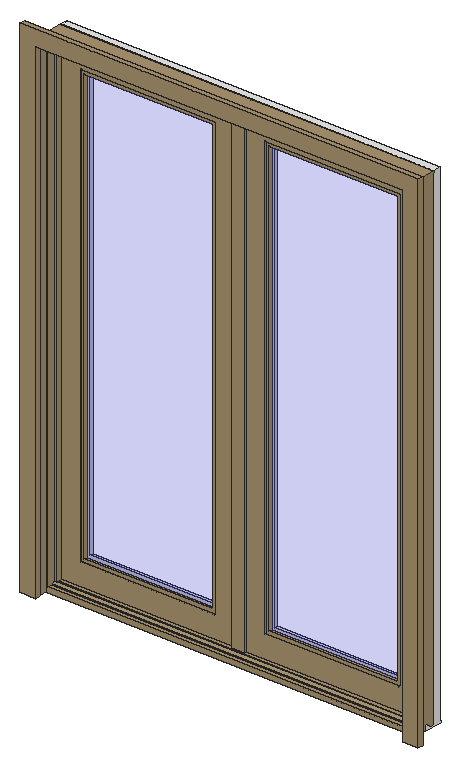
Revit family "Door-Out-Swing-Pella-Architect-Contemporary-Double3", category Doors, host Wall, Revit 2013
Parameters (values of type "default load type catalog")
  Warranty = "https://content.pella.com/cs/groups/public/documents/document/mdaw/mde3/~edisp/pel-017828.pdf?_ga=1.89380059.1797906072.1467308852"
  Wall Thickness [instance] = 0' - 6"
  Vertical Mullions = if(and(Traditional Lites Wide < Max Lites, Traditional Lites Wide > 2), Traditional Lites Wide - 1, if(or(Traditional Lites Wide = Max Lites, Traditional Lites Wide > Max Lites), Max Lites - 1, 2))  # 2
  Vertical Grille Spacing = Panel Grille Width / (Vertical Mullions + 1)  # 0' - 8.25065"
  Vertical Grille Offset = Vertical Grille Spacing  # 0' - 8.25065"
  URL = "http://professional.pella.com"
  Type Comments = if(Fixed Panel, "Active/Fixed", "Active/Passive")  # "Active/Fixed"
  Trim = yes
  Traditional Lites Wide = 2
  Traditional Lites High = 2
  Traditional Grille Vertical Array = and(Traditional Lites Wide > 2, Traditional Grille)  # no
  Traditional Grille Single Vertical = and(Traditional Lites Wide = 2, Traditional Grille)  # no
  Traditional Grille Horizontal Array = and(Traditional Lites High > 2, Traditional Grille)  # no
  Traditional Grille = no
  Traditioinal Grille Single Horizontal = and(Traditional Lites High = 2, Traditional Grille)  # no
  Thickness = 0' - 5 55/64"  # constant formula
  Specification = "http://media.pella.com/professional/adm/Wood-CSI_Specs/08213.rtf"
  Sill Height = 0' - 5 7/8"  # constant formula
  Second Panel Operable = not(Fixed Panel)  # no
  Rough Width = Width + 0' 0 3/4"  # 6' - 0 3/4"
  Rough Height = Height + 0' 0 3/4"  # 8' - 0 3/4"
  Requested Width = 6' - 0"
  Requested Height = 8' - 0"
  Product Page URL = "http://professional.pella.com/doors/product-details/out-swing-patio-architect"
  Product Name = "Architect Series"  # constant formula
  Product Documentation Link = "http://media.pella.com/professional/adm/Clad-Wood/OS_ASCWSZTAB.pdf"
  Prairie Offset = 0' - 3 11/16"  # constant formula
  Prairie Grille = no
  Panel Width = ((Width - 0' 2 7/16" - Center Thickness) / 2)  # 2' - 9.93945"
  Panel Height = Height - 0' 2 3/8"  # 7' - 9 5/8"
  Panel Grille Width = Panel Width - 0' 4 19/32" * 2  # 2' - 0.75195"
  Operation = "Outswing"
  Model = if(Fixed Panel, "Contemporary Outswing Active/Fixed", "Contemporary Outswing Active/Passive")  # "Contemporary Outswing Active/Fixed"
  Min Width = 4' - 2"  # constant formula
  Min Height = 6' - 7 1/2"  # constant formula
  Max Width = 6' - 3"  # constant formula
  Max Lites = 10  # constant formula
  Max Height = 9' - 11 1/2"  # constant formula
  Manufacturer = "Pella"  # constant formula
  Jamb Extensions = yes
  Jamb Extensions Depth [instance] = if(Jamb Extensions Calc > 0' 0 1/8", Jamb Extensions Calc, 0' 0 1/8")  # 0' - 1 7/16"
  Jamb Extensions Calc [instance] = if(Offset > 0' 0", Wall Thickness - 0' 4 9/16" + Offset, Wall Thickness - 0' 4 9/16" - Inset)  # 0' - 1 7/16"
  Interior Sill = Wood-Pella-Interior_Sill
  Offset = 0' - 0"
  Nail Fin = yes
  Interior Finish = Wood-Pella-Pine
  Inset = 0' - 0"
  Horizontal Mullions = if(and(Traditional Lites High < Max Lites, Traditional Lites High > 3), Traditional Lites High - 1, if(or(Traditional Lites High = Max Lites, Traditional Lites High > Max Lites), Max Lites - 1, 2))  # 2
  Horizontal Grille Spacing = Grille Height / (Horizontal Mullions + 1)  # 2' - 3 15/16"
  Horizontal Grille Offset = Horizontal Grille Spacing  # 2' - 3 15/16"
  Grille Width = 0' - 0 7/8"  # constant formula
  Grille Height = Height - (Sill Height + 0' 6 5/16")  # 6' - 11 13/16"
  Glass Thickness = 0' - 0 103/128"  # constant formula
  Glass = Glass-Pella-Low_E-Argon
  Function = Interior
  Frame Projection Ext. = 0' - 1"
  Frame Projection Int. = 0' - 1"
  Frame Width = 0' - 3"
  Height = if(and(Requested Height < Max Height, Requested Height > Min Height), Requested Height, if(or(Requested Height = Max Height, Requested Height > Max Height), Max Height, Min Height))  # 8' - 0"
  Wall Closure = By host
  Width = if(and(Requested Width < Max Width, Requested Width > Min Width), Requested Width, if(or(Requested Width = Max Width, Requested Width > Max Width), Max Width, Min Width))  # 6' - 0"
  Fixed Panel = yes
  Exterior Finish = Aluminum-Pella-EnduraClad-White
  Energy Star = "http://www.pella.com/features-options/energy-efficiency/energy-star/"
  Description = "Outswing Patio Door"  # constant formula
  Center Thickness = 0' - 1 175/256"  # constant formula
  Assembly Code = "B2030130"
Reference planes (in)
  plane 1 "Center (Front/Back)": y = 0
  plane 2 "Center (Left/Right)": x = 0
  plane 3 "Left": x = -36
  plane 4 "Right": x = 36
  plane 5 "Top": z = 96
  plane 6 "Exterior": y = 3
  plane 7 "Interior": y = -3
  plane 8 "Nail Fin": y = 3
  plane 9 "Front": y = 4.29609
  plane 10 "Back": y = -1.56329
  plane 11 "Inset": y = 3
  plane 12 "Grille Left": x = -30.18762
  plane 13 "Grille Right": x = 30.18762
  plane 14 "Glass Bottom": z = 5.875
  plane 15 "Grille Bottom": z = 6.3755
  plane 16 "Glass Top": z = 90.68812
  plane 17 "Grille Top": z = 90.18762
  plane 18 "Glass Front": y = 2.57609
  plane 19 "Glass Back": y = 1.7714
  plane 20 "Jamb Extensions": y = -1.5625
  plane 21 "Front of Panel": y = 3.18973
  plane 22 "Center Right Panel": x = 17.8096
  plane 23 "Right Center": x = 0.8418
  plane 24 "Left Center": x = -0.8418
  plane 25 "Grille Center Left": x = -5.43159
  plane 26 "Grille Center Right": x = 5.43159
  plane 27 "Center Left Panel": x = -17.8096
Forms (in)
  Extrusion 1, solid, material "Wood-Pella-Pine" <- "Interior Finish", visible <- "Trim"
    sketch origin (-90, -3, 0) x (1, 0, 0) y (0, 0, 1)
      loop
        line (54.625, 0) -> (54.625, 95.375) -> (125.375, 95.375) -> (125.375, 0) -> (128.375, 0) -> (128.375, 98.375) -> (51.625, 98.375) -> (51.625, 0) -> (54.625, 0)
    from 0 to 1
  Extrusion 2, solid, material "Wood-Pella-Pine" <- "Interior Finish", detail levels medium+fine
    sketch origin (0, 0, 0) x (0, 1, 0) y (0, 0, 1)
      loop
        line (-1.56329, 0) -> (0.83279, 0) -> (0.83279, 1.523) -> (0.21469, 1.523) -> (0.06871, 1.633) -> (-0.30629, 1.633) -> (-0.72029, 1.219) -> (-0.72029, 1) -> (-1.56329, 1) -> (-1.56329, 0)
    from -36 to 36
  Extrusion 3, solid, material "Aluminum-Pella-EnduraClad-White" <- "Exterior Finish", detail levels medium+fine
    sketch origin (0, 0, 0) x (0, 1, 0) y (0, 0, 1)
      loop
        line (4.29609, 0) -> (4.29609, 0.3) -> (1.9129, 0.3) -> (1.0619, 0.926) -> (0.83279, 0.926) -> (0.83279, 0) -> (4.29609, 0)
    from -36 to 36
  Sweep 4, solid, material "Wood-Pella-Pine" <- "Interior Finish", detail levels medium+fine
    path origin (0, 4.29609, 0) x (-1, 0, 0) y (0, 0, 1)
      loop
        line (36, 0) -> (36, 96) -> (-36, 96) -> (-36, 0)
    profile origin (-36, 4.29609, 48) x (1, 0, 0) y (0, 1, 0)
      loop
        line (0, -5.85937) -> (1.06158, -5.85937) -> (1.06158, -4.60574) -> (1.657, -4.60574) -> (1.657, -3.48074) -> (1.06158, -3.48074) -> (1.06158, -1.53449) -> (0, -1.53449) -> (0, -5.85937)
  Sweep 5, solid, material "Aluminum-Pella-EnduraClad-White" <- "Exterior Finish", detail levels medium+fine
    path origin (0, 4.29609, 0) x (-1, 0, 0) y (0, 0, 1)
      loop
        line (36, 0) -> (36, 96) -> (-36, 96) -> (-36, 0)
    profile origin (-36, 4.29609, 48) x (1, 0, 0) y (0, 1, 0)
      loop
        line (1.06158, -1.53449) -> (1.06158, -1.11236) -> (0.79016, -1.11236) -> (0.79016, -0.05585) -> (0.56008, -0.05585) -> (0.3844, 0) -> (0.197, 0) -> (0.197, -0.39299) -> (0.09, -0.39299) -> (0.09, -0.03953) -> (0, -0.03953) -> (0, -1.53449) -> (1.06158, -1.53449)
  Extrusion 6, solid, material "Aluminum-Pella-EnduraClad-White" <- "Exterior Finish", detail levels coarse
    sketch origin (0, 2.57609, 0) x (-1, 0, 0) y (0, 0, 1)
      loop
        line (-36, 0) -> (36, 0) -> (36, 96) -> (-36, 96) -> (-36, 0)
      loop
        line (-34.9375, 1.0625) -> (34.93842, 1.0625) -> (34.93842, 94.9375) -> (-34.9375, 94.9375) -> (-34.9375, 1.0625)
    from 0.42391 to 1.72
  Extrusion 7, solid, material "Wood-Pella-Pine" <- "Interior Finish", detail levels coarse
    sketch origin (0, 0, 0) x (1, 0, 0) y (0, 0, 1)
      loop
        line (-34.93842, 1.219) -> (34.93842, 1.219) -> (34.93842, 94.93842) -> (-34.93842, 94.93842) -> (-34.93842, 1.219)
      loop
        line (-36, 0) -> (36, 0) -> (36, 96) -> (-36, 96) -> (-36, 0)
    from -3 to 1.56329
  Extrusion 8, solid, material "Aluminum-Pella-EnduraClad-White" <- "Exterior Finish", detail levels coarse
    sketch origin (0, 2.57609, 0) x (-1, 0, 0) y (0, 0, 1)
      loop
        line (-30.18762, 6.3755) -> (-5.43159, 6.3755) -> (-5.43159, 90.18762) -> (-30.18762, 90.18762) -> (-30.18762, 6.3755)
      loop
        line (30.18762, 90.18762) -> (5.43159, 90.18762) -> (5.43159, 6.3755) -> (30.18762, 6.3755) -> (30.18762, 90.18762)
      loop
        line (-34.9375, 1.0625) -> (34.93842, 1.0625) -> (34.93842, 94.9375) -> (-34.9375, 94.9375) -> (-34.9375, 1.0625)
    from -1.44885 to 0.61365
  Sweep 9, solid, material "Wood-Pella-Pine" <- "Interior Finish", visible <- "Jamb Extensions"
    path origin (0, -3, 0) x (1, 0, 0) y (0, 0, 1)
      loop
        line (36, 0) -> (36, 96) -> (-36, 96) -> (-36, 0)
    profile origin (-36, -3, 48) x (0, -1, 0) y (1, 0, 0)
      loop
        line (0, 0) -> (0, 0.625) -> (-1.4375, 0.625) -> (-1.4375, 0) -> (0, 0)
  Extrusion 10, solid, material "Aluminum-Pella-EnduraClad-White" <- "Exterior Finish", detail levels medium+fine
    sketch origin (0, 0, 6.3755) x (0, 1, 0) y (-1, 0, 0)
      loop
        line (3.17225, 0.80857) -> (2.86288, 0.80857) -> (2.86288, -0.73569) -> (3.19282, -0.73569)
        arc (3.19282, -0.73569) -> (3.38646, -0.69667) -> (3.54988, -0.5857) r 0.5
        line (3.54988, -0.5857) -> (3.54988, -0.27473) -> (3.67488, -0.14973) -> (3.67488, 0.33827) -> (3.54988, 0.46327) -> (3.54988, 0.6435) -> (3.42988, 0.76777) -> (3.17225, 0.80857)
    from -6.3755 to 89.6245
  Extrusion 11, solid, material "Wood-Pella-Pine" <- "Interior Finish", detail levels medium+fine
    sketch origin (0, 0, 6.3755) x (0, 1, 0) y (-1, 0, 0)
      loop
        line (2.86288, 0.80857) -> (1.12723, 0.80857) -> (1.12723, 1.07031) -> (0.37723, 1.07031) -> (0.37723, -1.32969) -> (0.81723, -1.32969) -> (0.81723, -0.73569) -> (2.86288, -0.73569) -> (2.86288, 0.80857)
    from -6.3755 to 89.6245
Cuts and joins
  joined: Extrusion 2, Sweep 4, Extrusion 11
  joined: Extrusion 3, Sweep 5, Extrusion 10
Lines and regions (in)
  Opening 1
    outline origin (-90, -3, 0) x (1, 0, 0) y (0, 0, 1)
      loop
        line (54, 0) -> (126, 0) -> (126, 96) -> (54, 96) -> (54, 0)
  Masking region 1, visible <- "Jamb Extensions"
    outline origin (0, 0, 6.3755) x (0, 1, 0) y (-1, 0, 0)
      loop
        line (-3, 36) -> (-3, 35.375) -> (-1.5625, 35.375) -> (-1.5625, 36) -> (-3, 36)
      loop
        line (-3, -35.375) -> (-3, -36) -> (-1.5625, -36) -> (-1.5625, -35.375) -> (-3, -35.375)
  Masking region 2
    outline origin (-30.68812, 0, 0) x (0, -1, 0) y (0, 0, 1)
      loop
        line (1.5625, 95.375) -> (3, 95.375) -> (3, 96) -> (1.5625, 96) -> (1.5625, 95.375)
  symbolic lines
    curve 1: line (34.9375, 3.18973, 6.3755) -> (32.875, 3.18973, 6.3755)
    curve 2: line (34.9375, 37.12919, 6.3755) -> (34.9375, 3.18973, 6.3755)
    curve 3: line (32.875, 37.12919, 6.3755) -> (34.9375, 37.12919, 6.3755)
    curve 4: line (32.875, 3.18973, 6.3755) -> (32.875, 37.12919, 6.3755)
  symbolic lines, style "Elevation Swing"
    curve 5: arc (34.9375, 37.12919, 6.3755) -> (10.93868, 27.18855, 6.3755) -> (0.99805, 3.18973, 6.3755) r 33.93945
    curve 6: line (0, 3, 0) -> (36, 3, 48)
    curve 7: line (36, 3, 48) -> (0, 3, 96)
  model lines, detail levels coarse
    curve 8: line (0.8418, 3.18973, 1.0625) -> (0.8418, 3.18973, 94.9375)
    curve 9: line (-0.8418, 3.18973, 1.0625) -> (-0.8418, 3.18973, 94.9375)
  symbolic lines, visible <- "Second Panel Operable"
    curve 10: line (-34.9375, 3.18973, 6.3755) -> (-32.875, 3.18973, 6.3755)
    curve 11: line (-34.9375, 37.12919, 6.3755) -> (-34.9375, 3.18973, 6.3755)
    curve 12: line (-32.875, 37.12919, 6.3755) -> (-34.9375, 37.12919, 6.3755)
    curve 13: line (-32.875, 3.18973, 6.3755) -> (-32.875, 37.12919, 6.3755)
  symbolic lines, style "Elevation Swing", visible <- "Second Panel Operable"
    curve 14: arc (-34.9375, 37.12919, 6.3755) -> (-10.93913, 27.18847, 6.3755) -> (-0.99931, 3.18973, 6.3755) r 33.93819
    curve 15: line (0, 3, 0) -> (-36, 3, 48)
    curve 16: line (-36, 3, 48) -> (0, 3, 96)
Text (in)
  text "Exterior" at (-74.96733, 45.94726, 0), in view "Ref. Level"
  text "Interior" at (-74.96733, -25.14366, 0), in view "Ref. Level"
  text "Exterior" at (0, 40.15149, 123.01588), in view "Right"
  text "Interior" at (0, -64.39139, 123.01588), in view "Right"
  text "Interior" at (0, -31.01599, 123.00693), in view "Left"
  text "Exterior" at (0, 54.57065, 123.00693), in view "Left"
Dimensions and locks (in)
  equal spacing: plane 3 "Left", plane 2 "Center (Left/Right)", plane 4 "Right"
  "Height": level to plane 5 "Top"
  "Width": plane 3 "Left" to plane 4 "Right"
  "Frame Width": Extrusion 1 sketch curve to Extrusion 1 sketch curve  (x3)
  equal spacing: host wall, curve 7, plane 5 "Top"
  "Frame Projection Int.": Extrusion 1 to host wall
  "Thickness": plane 9 "Front" to plane 10 "Back"
  locked: plane 9 "Front" to plane 8 "Nail Fin" at 1.29609
  "Offset": plane 8 "Nail Fin" to plane 11 "Inset"
  "Inset": plane 6 "Exterior" to plane 11 "Inset"
  locked: plane 13 "Grille Right" to plane 4 "Right" at 5.81238
  locked: plane 3 "Left" to plane 12 "Grille Left" at 5.81238
  "Sill Height": plane 14 "Glass Bottom" to level
  locked: plane 15 "Grille Bottom" to plane 14 "Glass Bottom" at 0.5005
  plane 17 "Grille Top" to plane 16 "Glass Top" to plane 5 "Top" = 0' - 0.5005" locked, 0' - 5.31188" locked
  locked: plane 9 "Front" to plane 18 "Glass Front" at 1.72
  Extrusion 2 sketch curve to Extrusion 2 sketch curve to Extrusion 2 sketch curve to Extrusion 2 sketch curve to level = 0' - 0.11" locked, 0' - 0.304" locked, 0' - 0.219" locked, 0' - 1" locked
  Extrusion 2 sketch curve to Extrusion 2 sketch curve to Extrusion 2 sketch curve to Extrusion 2 sketch curve to Extrusion 2 sketch curve to plane 10 "Back" = 0' - 0.6181" locked, 0' - 0.14597" locked, 0' - 0 3/8" locked, 0' - 0.414" locked, 0' - 0.843" locked
  Extrusion 3 sketch curve to Extrusion 3 sketch curve to level = 0' - 0.626" locked, 0' - 0.3" locked
  plane 9 "Front" to Extrusion 3 sketch curve to Extrusion 3 sketch curve to Extrusion 3 sketch curve = 0' - 2.38319" locked, 0' - 0.851" locked, 0' - 0.22911" locked
  Sweep 4 sketch curve to Sweep 4 sketch curve to Sweep 4 sketch curve to plane 10 "Back" = 0' - 1.94625" locked, 0' - 1 1/8" locked, 0' - 1.25363" locked
  plane 3 "Left" to Sweep 4 sketch curve to Sweep 4 sketch curve to Sweep 4 sketch curve = 0' - 1.06158" locked, 0' - 0" locked, 0' - 0.59542" locked
  plane 3 "Left" to Sweep 5 sketch curve to Sweep 5 sketch curve to Sweep 5 sketch curve to Sweep 5 sketch curve to Sweep 5 sketch curve to Sweep 5 sketch curve = 0' - 0.09" locked, 0' - 0.107" locked, 0' - 0.1874" locked, 0' - 0.17569" locked, 0' - 0.23007" locked, 0' - 0.27142" locked
  plane 9 "Front" to Sweep 5 sketch curve to Sweep 5 sketch curve to Sweep 5 sketch curve to Sweep 5 sketch curve to Sweep 5 sketch curve = 0' - 0.03953" locked, 0' - 0.01633" locked, 0' - 0.33714" locked, 0' - 0.71936" locked, 0' - 0.42214" locked
  "Glass Thickness": plane 18 "Glass Front" to plane 19 "Glass Back"
  "Prairie Offset": plane 12 "Grille Left" to nested 4
  "Prairie Offset": nested 5 to plane 13 "Grille Right"
  "Prairie Offset": plane 15 "Grille Bottom" to nested 6
  "Prairie Offset": nested 7 to plane 17 "Grille Top"
  equal spacing: plane 15 "Grille Bottom", nested 8, plane 17 "Grille Top"
  group 2 to group 1 = 0' - 0.00089"
  group 1 to group 2 = 0' - 0"
  group 1 to group 2 = 2' - 3 15/16"
  "Horizontal Grille Offset": plane 15 "Grille Bottom" to nested 10
  "Horizontal Grille Spacing": nested 10 to nested 11
  group 4 to group 3 = 0' - 8.25065"
  group 3 to group 4 = 0' - 0"  (x2)
  locked: nested 13 to plane 15 "Grille Bottom" at 0
  locked: nested 12 to plane 15 "Grille Bottom" at 0
  "Vertical Grille Offset": nested 12 to plane 13 "Grille Right"
  "Vertical Grille Spacing": nested 13 to nested 12
  locked: level to Extrusion 6 sketch curve at 1.0625
  locked: Extrusion 6 sketch curve to plane 5 "Top" at 1.0625
  locked: Extrusion 6 sketch curve to plane 4 "Right" at 1.0625
  locked: plane 3 "Left" to Extrusion 6 sketch curve at 1.06158
  locked: Extrusion 7 sketch curve to level at 1.219
  locked: plane 5 "Top" to Extrusion 7 sketch curve at 1.06158
  locked: plane 3 "Left" to Extrusion 7 sketch curve at 1.06158
  locked: Extrusion 7 sketch curve to plane 4 "Right" at 1.06158
  locked: Extrusion 8 sketch curve to plane 5 "Top" at 1.0625
  locked: level to Extrusion 8 sketch curve at 1.0625
  locked: Extrusion 8 sketch curve to plane 4 "Right" at 1.0625
  locked: plane 3 "Left" to Extrusion 8 sketch curve at 1.06158
  curve 4 to curve 2 to plane 4 "Right" = 0' - 2 1/16" locked, 0' - 1 1/16" locked
  curve 1 to plane 18 "Glass Front" = 0' - 0.61365"
  "Jamb Extensions Depth": plane 20 "Jamb Extensions" to host wall
  locked: plane 3 "Left" to Sweep 9 sketch curve at 0.625
  locked: plane 3 "Left" to Masking region 1 sketch curve at 0.625
  locked: Masking region 1 sketch curve to plane 4 "Right" at 0.625
  locked: Masking region 2 sketch curve to plane 5 "Top" at 0.625
  locked: plane 4 "Right" to Extrusion 1 sketch curve at 0.625
  locked: plane 3 "Left" to Extrusion 1 sketch curve at 0.625
  locked: Extrusion 1 sketch curve to plane 5 "Top" at 0.625
  "Wall Thickness": host wall to host wall
  locked: plane 21 "Front of Panel" to plane 18 "Glass Front" at 0.61365
  locked: plane 13 "Grille Right" to nested 10 at 0
  locked: plane 13 "Grille Right" to nested 11 at 0.00089
  locked: nested 14 to plane 4 "Right" at 1.22067
  equal spacing: plane 23 "Right Center", plane 2 "Center (Left/Right)", plane 24 "Left Center"
  "Center Thickness": plane 23 "Right Center" to plane 24 "Left Center"
  locked: plane 3 "Left" to nested 16 at 1.22067
  level to nested 16 to nested 14 = 0' - 1 3/16" locked, 0' - 0" locked
  locked: plane 21 "Front of Panel" to Extrusion 8 at 2.0625
  locked: plane 25 "Grille Center Left" to plane 24 "Left Center" at 4.58979
  locked: plane 23 "Right Center" to plane 26 "Grille Center Right" at 4.58979
  locked: nested 17 to plane 2 "Center (Left/Right)" at 1.07031
  Extrusion 10 sketch curve to Extrusion 10 sketch curve to Extrusion 10 sketch curve to Extrusion 10 sketch curve to Extrusion 10 sketch curve to Extrusion 10 sketch curve to plane 21 "Front of Panel" to Extrusion 10 sketch curve to Extrusion 10 sketch curve = 0' - 0 1/8" locked, 0' - 0" locked, 0' - 0.12" locked, 0' - 0.23706" locked, 0' - 0" locked, 0' - 0.00309" locked, 0' - 0.01748" locked, 0' - 0.30937" locked
  Extrusion 10 sketch curve to Extrusion 10 sketch curve to Extrusion 10 sketch curve to Extrusion 10 sketch curve to Extrusion 10 sketch curve to plane 2 "Center (Left/Right)" to Extrusion 10 sketch curve to Extrusion 10 sketch curve to Extrusion 10 sketch curve to Extrusion 10 sketch curve to Extrusion 10 sketch curve = 0' - 0.0408" locked, 0' - 0.12426" locked, 0' - 0.18023" locked, 0' - 0 1/8" locked, 0' - 0.33827" locked, 0' - 0.14973" locked, 0' - 0.08596" locked, 0' - 0.03904" locked, 0' - 0.31097" locked, 0' - 0.14999" locked
  Extrusion 11 sketch curve to Extrusion 11 sketch curve to Extrusion 11 sketch curve to Extrusion 11 sketch curve to plane 21 "Front of Panel" = 0' - 0.44" locked, 0' - 0.31" locked, 0' - 1.73565" locked, 0' - 0.32685" locked
  Extrusion 11 sketch curve to Extrusion 11 sketch curve to plane 2 "Center (Left/Right)" to Extrusion 11 sketch curve to Extrusion 11 sketch curve = 0' - 0.26174" locked, 0' - 0.80857" locked, 0' - 0.73569" locked, 0' - 0.594" locked
  equal spacing: plane 26 "Grille Center Right", plane 22 "Center Right Panel", plane 13 "Grille Right"
  "Prairie Offset": plane 26 "Grille Center Right" to nested 18
  "Prairie Offset": nested 19 to plane 25 "Grille Center Left"
  equal spacing: plane 12 "Grille Left", plane 27 "Center Left Panel", plane 25 "Grille Center Left"
  "Vertical Grille Offset": plane 12 "Grille Left" to nested 21
  group 5 to group 6 = 0' - 8.25065"
  group 5 to group 6 = 0' - 0"  (x2)
  "Vertical Grille Spacing": nested 21 to nested 22
  "Prairie Offset": plane 15 "Grille Bottom" to nested 23
  "Prairie Offset": nested 24 to plane 17 "Grille Top"
  equal spacing: plane 15 "Grille Bottom", nested 25, plane 17 "Grille Top"
  "Horizontal Grille Offset": plane 15 "Grille Bottom" to nested 26
  group 7 to group 8 = 0' - 0"
  group 8 to group 7 = 0' - 0"
  group 7 to group 8 = 2' - 3 15/16"
  nested 27 to nested 26 to plane 12 "Grille Left" = 0' - 0" locked, 0' - 0" locked
  nested 27 to plane 18 "Glass Front" to nested 26 = 0' - 0" locked, 0' - 0" locked
  "Horizontal Grille Spacing": nested 26 to nested 27
  curve 8 to curve 9 to plane 5 "Top" = 0' - 0" locked, 0' - 1 1/16" locked
  level to curve 9 to curve 8 = 0' - 1 1/16" locked, 0' - 0" locked
  locked: nested 22 to plane 18 "Glass Front" at 0
  locked: curve 13 to curve 11 at 2.0625
  "Panel Width": curve 12 to curve 10
  locked: curve 1 to plane 21 "Front of Panel" at 0
  "Panel Width": curve 3 to plane 21 "Front of Panel"
  "Panel Width": curve 12 to plane 21 "Front of Panel"
  equal spacing: level, curve 16, plane 5 "Top"
  aligned and locked: plane 3 "Left" to Opening 1 sketch curve
  aligned and locked: plane 5 "Top" to Opening 1 sketch curve  (x2)
  aligned and locked: Opening 1 sketch curve to plane 4 "Right"
  aligned and locked: Opening 1 sketch curve to level
  aligned and locked: level to Extrusion 1 sketch curve
  aligned and locked: Extrusion 1 sketch curve to level
  aligned and locked: Extrusion 1 to host wall
  aligned and locked: plane 6 "Exterior" to host wall
  aligned and locked: plane 7 "Interior" to host wall
  aligned and locked: nested 1 to plane 8 "Nail Fin"
  aligned and locked: plane 3 "Left" to nested 1
  aligned and locked: nested 3 to plane 8 "Nail Fin"
  aligned and locked: nested 3 to plane 5 "Top"
  aligned and locked: Extrusion 2 sketch curve to level
  aligned and locked: Extrusion 2 sketch curve to plane 10 "Back"
  aligned and locked: Extrusion 3 sketch curve to level
  aligned and locked: plane 9 "Front" to Extrusion 3 sketch curve
  aligned and locked: plane 3 "Left" to Extrusion 2
  aligned and locked: Extrusion 2 to plane 4 "Right"
  aligned and locked: Extrusion 3 to plane 4 "Right"
  aligned and locked: plane 3 "Left" to Extrusion 3
  aligned and locked: Sweep 4 sketch curve to plane 5 "Top"
  aligned and locked: Sweep 4 sketch curve to plane 4 "Right"
  aligned and locked: plane 3 "Left" to Sweep 4 sketch curve  (x2)
  aligned and locked: level to Sweep 4 sketch curve  (x2)
  aligned and locked: Sweep 4 sketch curve to plane 10 "Back"
  aligned and locked: Sweep 5 sketch curve to plane 5 "Top"
  aligned and locked: Sweep 5 sketch curve to plane 4 "Right"
  aligned and locked: plane 3 "Left" to Sweep 5 sketch curve
  aligned and locked: level to Sweep 5 sketch curve  (x2)
  aligned and locked: Sweep 5 sketch curve to plane 3 "Left"
  aligned and locked: Sweep 5 sketch curve to plane 9 "Front"
  aligned and locked: plane 18 "Glass Front" to nested 4
  aligned and locked: plane 18 "Glass Front" to nested 5
  aligned and locked: plane 15 "Grille Bottom" to nested 5
  aligned and locked: plane 15 "Grille Bottom" to nested 4
  aligned and locked: nested 6 to plane 18 "Glass Front"
  aligned and locked: nested 6 to plane 13 "Grille Right"
  aligned and locked: nested 7 to plane 13 "Grille Right"
  aligned and locked: plane 18 "Glass Front" to nested 7
  aligned and locked: plane 18 "Glass Front" to nested 8
  aligned and locked: plane 15 "Grille Bottom" to nested 9
  aligned and locked: plane 18 "Glass Front" to nested 11
  aligned and locked: plane 18 "Glass Front" to nested 10
  aligned and locked: plane 18 "Glass Front" to nested 12
  aligned and locked: plane 15 "Grille Bottom" to nested 12
  aligned and locked: plane 18 "Glass Front" to nested 13
  aligned and locked: plane 18 "Glass Front" to nested 9
  aligned and locked: plane 9 "Front" to nested 2
  aligned and locked: nested 2 to cut or joined group of Extrusion 3, Sweep 5, Extrusion 10
  aligned and locked: plane 3 "Left" to Extrusion 6 sketch curve
  aligned and locked: Extrusion 6 sketch curve to plane 5 "Top"
  aligned and locked: Extrusion 6 sketch curve to plane 4 "Right"
  aligned and locked: Extrusion 6 sketch curve to level
  aligned and locked: Extrusion 6 to plane 8 "Nail Fin"
  aligned and locked: plane 9 "Front" to Extrusion 6
  aligned and locked: Extrusion 7 sketch curve to plane 5 "Top"
  aligned and locked: Extrusion 7 sketch curve to plane 4 "Right"
  aligned and locked: plane 3 "Left" to Extrusion 7 sketch curve
  aligned and locked: Extrusion 7 sketch curve to level
  aligned and locked: plane 8 "Nail Fin" to Extrusion 7
  aligned and locked: Extrusion 7 to plane 10 "Back"
  aligned and locked: Extrusion 8 sketch curve to plane 15 "Grille Bottom"  (x2)
  aligned and locked: plane 12 "Grille Left" to Extrusion 8 sketch curve
  aligned and locked: Extrusion 8 sketch curve to plane 13 "Grille Right"
  aligned and locked: plane 17 "Grille Top" to Extrusion 8 sketch curve  (x2)
  aligned and locked: plane 3 "Left" to Sweep 9 sketch curve  (x2)
  aligned and locked: Sweep 9 sketch curve to plane 4 "Right"
  aligned and locked: Sweep 9 sketch curve to plane 5 "Top"
  aligned and locked: level to Sweep 9 sketch curve  (x2)
  aligned and locked: host wall to Sweep 9 sketch curve
  aligned and locked: plane 20 "Jamb Extensions" to Sweep 9 sketch curve
  aligned and locked: plane 20 "Jamb Extensions" to Masking region 1 sketch curve  (x2)
  aligned and locked: host wall to Masking region 1 sketch curve  (x2)
  aligned and locked: plane 3 "Left" to Masking region 1 sketch curve
  aligned and locked: Masking region 1 sketch curve to plane 4 "Right"
  aligned and locked: Masking region 2 sketch curve to plane 5 "Top"
  aligned and locked: plane 20 "Jamb Extensions" to Masking region 2 sketch curve
  aligned and locked: host wall to Masking region 2 sketch curve
  aligned and locked: plane 4 "Right" to curve 7
  aligned and locked: nested 8 to plane 13 "Grille Right"
  aligned and locked: nested 9 to plane 22 "Center Right Panel"
  aligned and locked: plane 21 "Front of Panel" to nested 14
  aligned and locked: plane 8 "Nail Fin" to nested 15
  aligned and locked: plane 4 "Right" to nested 15
  aligned and locked: nested 16 to plane 21 "Front of Panel"
  aligned and locked: plane 21 "Front of Panel" to Extrusion 8
  aligned and locked: Extrusion 8 sketch curve to plane 25 "Grille Center Left"
  aligned and locked: plane 26 "Grille Center Right" to Extrusion 8 sketch curve
  aligned and locked: nested 17 to plane 21 "Front of Panel"
  aligned and locked: Extrusion 11 to level
  aligned and locked: Extrusion 11 to plane 5 "Top"
  aligned and locked: Extrusion 10 to level
  aligned and locked: Extrusion 10 to plane 5 "Top"
  aligned and locked: plane 15 "Grille Bottom" to nested 18
  aligned and locked: plane 18 "Glass Front" to nested 18
  aligned and locked: plane 15 "Grille Bottom" to nested 19
  aligned and locked: plane 18 "Glass Front" to nested 19
  aligned and locked: plane 15 "Grille Bottom" to nested 20
  aligned and locked: plane 27 "Center Left Panel" to nested 20
  aligned and locked: plane 18 "Glass Front" to nested 20
  aligned and locked: plane 18 "Glass Front" to nested 21
  aligned and locked: plane 15 "Grille Bottom" to nested 21
  aligned and locked: plane 12 "Grille Left" to nested 23
  aligned and locked: plane 18 "Glass Front" to nested 23
  aligned and locked: plane 12 "Grille Left" to nested 24
  aligned and locked: plane 18 "Glass Front" to nested 24
  aligned and locked: plane 12 "Grille Left" to nested 25
  aligned and locked: plane 18 "Glass Front" to nested 25
  aligned and locked: plane 12 "Grille Left" to nested 26
  aligned and locked: plane 18 "Glass Front" to nested 26
  aligned and locked: curve 8 to plane 23 "Right Center"
  aligned and locked: curve 9 to plane 24 "Left Center"
  aligned and locked: plane 21 "Front of Panel" to curve 14
  aligned and locked: plane 21 "Front of Panel" to curve 5
  aligned and locked: plane 2 "Center (Left/Right)" to curve 15
  aligned and locked: level to curve 15
  aligned and locked: plane 2 "Center (Left/Right)" to curve 16
  aligned and locked: plane 5 "Top" to curve 16
  aligned and locked: plane 3 "Left" to curve 15
Automatic sketch dimensions
  Extrusion 1 sketch curve to level = 0' - 0"
  plane 12 "Grille Left" to curve 13 = 0' - 2.68738"
  curve 10 to curve 14 = 0' - 0.00126"
  curve 14 to plane 24 "Left Center" = 0' - 0.15751"
Nested families (in)
  nested 1: "Nested-Pella-Architect-OS-Frame-Jamb" at (-36, 3.51936, 0) x (0, -1, 0) z (0, 0, 1), type "Jamb"
  nested 2: "Nested-Pella-Architect-OS-Frame-Sill" at (0, 3.53872, 0) x (0, -1, 0) z (1, 0, 0), type "Sill"
  nested 3: "Nested-Pella-Architect-OS-Frame-Jamb" at (0, 3.51936, 96) x (0, -1, 0) z (1, 0, 0), type "Jamb"
  nested 4: "Nested-Mullion-Pella" at (-26.50012, 2.17375, 6.3755), visible <- "Prairie Grille", type "Vertical Mullion"
    with Height 6' - 11 13/16"
  nested 5: "Nested-Mullion-Pella" at (26.50012, 2.17375, 6.3755), visible <- "Prairie Grille", type "Vertical Mullion"
    with Height 6' - 11 13/16"
  nested 6: "Nested-Mullion-Pella" at (17.81164, 2.17375, 9.6255), visible <- "Prairie Grille", type "Horizontal Mullion"
    with Width 2' - 0.75195"
  nested 7: "Nested-Mullion-Pella" at (17.81164, 2.17375, 86.06262), visible <- "Prairie Grille", type "Horizontal Mullion"
    with Width 2' - 0.75195"
  nested 8: "Nested-Mullion-Pella" at (17.81164, 2.17375, 47.84406), visible <- "Traditioinal Grille Single Horizontal", type "Horizontal Mullion"
    with Width 2' - 0.75195"
  nested 9: "Nested-Mullion-Pella" at (17.8096, 2.17375, 6.3755), visible <- "Traditional Grille Single Vertical", type "Vertical Mullion"
    with Height 6' - 11 13/16"
  nested 10: "Nested-Mullion-Pella" at (17.81164, 2.17375, 33.8755), visible <- "Traditional Grille Horizontal Array", type "Horizontal Mullion"
    with Width 2' - 0.75195"
  nested 11: "Nested-Mullion-Pella" at (17.81075, 2.17375, 61.813), visible <- "Traditional Grille Horizontal Array", type "Horizontal Mullion"
    with Width 2' - 0.75195"
  nested 12: "Nested-Mullion-Pella" at (21.93697, 2.17375, 6.3755), visible <- "Traditional Grille Vertical Array", type "Vertical Mullion"
    with Height 6' - 11 13/16"
  nested 13: "Nested-Mullion-Pella" at (13.68632, 2.17375, 6.3755), visible <- "Traditional Grille Vertical Array", type "Vertical Mullion"
    with Height 6' - 11 13/16"
  nested 14: "Nested-Pella-Contemporary-Outswing_Panel" at (17.8096, 2.15848, 1.1875), type "Active"
  nested 15: "Nested-Pella-Architect-OS-Frame-Jamb" at (36, 3.51936, 0) x (0, -1, 0) z (0, 0, 1), type "Jamb"
  nested 16: "Nested-Pella-Contemporary-Outswing_Panel" at (-17.8096, 2.15848, 1.1875) x (-1, 0, 0) z (0, 0, 1), type "Fixed Passive"
  nested 17: "Nested-Pella-Architect-OS-Frame-Center" at (-1.07031, 4.41135, 6.3755) x (0, -1, 0) z (0, 0, 1), type "Center"
  nested 18: "Nested-Mullion-Pella" at (9.11909, 2.17375, 6.3755), visible <- "Prairie Grille", type "Vertical Mullion"
    with Height 6' - 11 13/16"
  nested 19: "Nested-Mullion-Pella" at (-9.11909, 2.17375, 6.3755), visible <- "Prairie Grille", type "Vertical Mullion"
    with Height 6' - 11 13/16"
  nested 20: "Nested-Mullion-Pella" at (-17.8096, 2.17375, 6.3755), visible <- "Traditional Grille Single Vertical", type "Vertical Mullion"
    with Height 6' - 11 13/16"
  nested 21: "Nested-Mullion-Pella" at (-21.93697, 2.17375, 6.3755), visible <- "Traditional Grille Vertical Array", type "Vertical Mullion"
    with Height 6' - 11 13/16"
  nested 22: "Nested-Mullion-Pella" at (-13.68632, 2.17375, 6.3755), visible <- "Traditional Grille Vertical Array", type "Vertical Mullion"
    with Height 6' - 11 13/16"
  nested 23: "Nested-Mullion-Pella" at (-17.81164, 2.17375, 9.6255), visible <- "Prairie Grille", type "Horizontal Mullion"
    with Width 2' - 0.75195"
  nested 24: "Nested-Mullion-Pella" at (-17.81164, 2.17375, 86.06262), visible <- "Prairie Grille", type "Horizontal Mullion"
    with Width 2' - 0.75195"
  nested 25: "Nested-Mullion-Pella" at (-17.81164, 2.17375, 47.84406), visible <- "Traditioinal Grille Single Horizontal", type "Horizontal Mullion"
    with Width 2' - 0.75195"
  nested 26: "Nested-Mullion-Pella" at (-17.81164, 2.17375, 33.8755), visible <- "Traditional Grille Horizontal Array", type "Horizontal Mullion"
    with Width 2' - 0.75195"
  nested 27: "Nested-Mullion-Pella" at (-17.81164, 2.17375, 61.813), visible <- "Traditional Grille Horizontal Array", type "Horizontal Mullion"
    with Width 2' - 0.75195"
Definition of nested family "Nested-Mullion-Pella"
  Parameters (values of type "Horizontal Mullion")
    Width = 1' - 6 3/8"
    Vertical = no
    URL = "http://www.pella.com/"
    Type Comments = "Mullion"  # constant formula
    Model = "Mullion for Pella Models"  # constant formula
    Manufacturer = "Pella"  # constant formula
    Interior Finish = Wood-Pella-Pine
    Horizontal = yes
    Height = 0' - 0 7/8"
    Glass Thickness = 0' - 0 103/128"
    Finish = Aluminum-Pella-EnduraClad-White
    Description = "For use with Pella Models"  # constant formula
    Depth = Glass Thickness + 0' 0 3/4"  # 0' - 1 71/128"
    Default Elevation = 4' - 0"
  Types (2): name | Width | Vertical | Horizontal | Height
    Horizontal Mullion | 1' - 6 3/8" | no | yes | 0' - 0 7/8"
    Vertical Mullion | 0' - 0 7/8" | yes | no | 5' - 7 5/16"
  Reference planes (in)
    plane 1 "Center (Front/Back)": y = 0
    plane 2 "Bottom": z = 0
    plane 3 "Center (Left/Right)": x = 0
    plane 4 "Left": x = -9.1875
    plane 5 "Right": x = 9.1875
    plane 6 "Front": y = -0.77734
    plane 7 "Back": y = 0.77734
    plane 8 "Top": z = 0.875
    plane 9 "Glass Back": y = 0.40234
    plane 10 "Glass Front": y = -0.40234
    plane 11 "Center (Elevation)": z = 0.4375
  Forms (in)
    Extrusion 1, solid, material "Aluminum-Pella-EnduraClad-White" <- "Finish", detail levels medium+fine
      sketch origin (0, 0, 0) x (1, 0, 0) y (0, 1, 0)
        loop
          line (-9.1875, 0.77734) -> (-9.1875, 0.40234) -> (9.1875, 0.40234) -> (9.1875, 0.77734) -> (-9.1875, 0.77734)
      from 0 to 0.875
    Extrusion 2, solid, material "Wood-Pella-Pine" <- "Interior Finish", detail levels medium+fine
      sketch origin (0, 0, 0) x (1, 0, 0) y (0, 1, 0)
        loop
          line (-9.1875, -0.40234) -> (-9.1875, -0.77734) -> (9.1875, -0.77734) -> (9.1875, -0.40234) -> (-9.1875, -0.40234)
      from 0 to 0.875
    Extrusion 3, solid, detail levels medium+fine
      sketch origin (0, 0, 0) x (1, 0, 0) y (0, 1, 0)
        loop
          line (-9, -0.27734) -> (9, -0.27734) -> (9, 0.27734) -> (-9, 0.27734) -> (-9, -0.27734)
      from 0 to 0.875
  Lines and regions (in)
    model lines, visible <- "Vertical", detail levels coarse
      curve 1: line (0, -0.40234, 0) -> (0, -0.40234, 0.875)
      curve 2: line (0, 0.40234, 0) -> (0, 0.40234, 0.875)
    model lines, visible <- "Horizontal", detail levels coarse
      curve 3: line (-9.1875, 0.40234, 0.4375) -> (9.1875, 0.40234, 0.4375)
      curve 4: line (-9.1875, -0.40234, 0.4375) -> (9.1875, -0.40234, 0.4375)
  Dimensions and locks (in)
    equal spacing: plane 4 "Left", plane 3 "Center (Left/Right)", plane 5 "Right"
    "Width": plane 4 "Left" to plane 5 "Right"
    "Height": plane 8 "Top" to level
    equal spacing: plane 10 "Glass Front", plane 1 "Center (Front/Back)", plane 9 "Glass Back"
    "Glass Thickness": plane 10 "Glass Front" to plane 9 "Glass Back"
    equal spacing: plane 7 "Back", plane 1 "Center (Front/Back)", plane 6 "Front"
    "Depth": plane 7 "Back" to plane 6 "Front"
    equal spacing: plane 8 "Top", plane 11 "Center (Elevation)", level
    locked: plane 10 "Glass Front" to Extrusion 3 sketch curve at 0.125
    locked: plane 9 "Glass Back" to Extrusion 3 sketch curve at 0.125
    locked: plane 4 "Left" to Extrusion 3 sketch curve at 0.1875
    locked: Extrusion 3 sketch curve to plane 5 "Right" at 0.1875
    aligned and locked: plane 2 "Bottom" to level
    aligned and locked: plane 3 "Center (Left/Right)" to curve 1
    aligned and locked: plane 8 "Top" to curve 1
    aligned and locked: level to curve 1
    aligned and locked: curve 2 to plane 3 "Center (Left/Right)"
    aligned and locked: plane 8 "Top" to curve 2
    aligned and locked: level to curve 2
    aligned and locked: plane 5 "Right" to curve 3
    aligned and locked: plane 4 "Left" to curve 3
    aligned and locked: plane 11 "Center (Elevation)" to curve 3
    aligned and locked: curve 4 to plane 11 "Center (Elevation)"
    aligned and locked: plane 5 "Right" to curve 4
    aligned and locked: plane 4 "Left" to curve 4
    aligned and locked: plane 9 "Glass Back" to Extrusion 1 sketch curve
    aligned and locked: Extrusion 1 sketch curve to plane 7 "Back"
    aligned and locked: Extrusion 1 sketch curve to plane 4 "Left"
    aligned and locked: Extrusion 1 sketch curve to plane 5 "Right"
    aligned and locked: plane 6 "Front" to Extrusion 2 sketch curve
    aligned and locked: plane 10 "Glass Front" to Extrusion 2 sketch curve
    aligned and locked: Extrusion 2 sketch curve to plane 4 "Left"
    aligned and locked: Extrusion 2 sketch curve to plane 5 "Right"
    aligned and locked: plane 8 "Top" to Extrusion 2
    aligned and locked: Extrusion 2 to level
    aligned and locked: plane 8 "Top" to Extrusion 1
    aligned and locked: Extrusion 1 to level
    aligned and locked: Extrusion 3 to level
    aligned and locked: plane 8 "Top" to Extrusion 3
Definition of nested family "Nested-Pella-Contemporary-Outswing_Panel"
  Parameters (values of type "Fixed")
    Width = 2' - 9.93945"
    URL = "http://professional.pella.com"
    Type Comments = "For use with Pella Contemporary Out-Swing Door Models"  # constant formula
    Thickness = 0' - 2 1/16"  # constant formula
    Model = "Contemporary Outswing Panel"  # constant formula
    Manufacturer = "Pella"  # constant formula
    Interior Finish = Wood-Pella-Pine
    Height = 7' - 9 5/8"
    Glass Finish = Glass-Pella-Low_E-Argon
    Fixed = yes
    Exterior Finish = Aluminum-Pella-EnduraClad-White
    Description = "Out-Swing"  # constant formula
    Assembly Code = "B2030130"
  Types (2): name | Fixed
    Fixed | yes
    Active | no
  Reference planes (in)
    plane 1 "Nail Fin": y = 0.84404
    plane 2 "Bottom": z = 0
    plane 3 "Center (Left/Right)": x = 0
    plane 4 "Left": x = -16.96973
    plane 5 "Right": x = 16.96973
    plane 6 "Front": y = 1.03125
    plane 7 "Back": y = -1.03125
    plane 8 "Glass Back": y = -0.36894
    plane 9 "Glass Front": y = 0.43575
    plane 10 "Glass Left": x = -12.88023
    plane 11 "Glass Right": x = 12.88023
    plane 12 "Glass Bottom": z = 4.6875
    plane 13 "Top": z = 93.625
    plane 14 "Glass Top": z = 89.50062
  Forms (in)
    Extrusion 1, solid, material "Wood-Pella-Pine" <- "Interior Finish", detail levels medium+fine
      sketch origin (0, 0, 0) x (1, 0, 0) y (0, 1, 0)
        loop
          line (-16.96973, -1.03125) -> (-13.05602, -1.03125) -> (-13.05602, -0.93125) -> (-12.40504, -0.93125) -> (-12.37716, -0.39925) -> (-13.05602, -0.39925) -> (-13.05602, 0.43575) -> (-16.96973, 0.43575) -> (-16.96973, -1.03125)
        loop
          line (16.96973, -1.03125) -> (16.96973, 0.43575) -> (13.05602, 0.43575) -> (13.05602, -0.39925) -> (12.37716, -0.39925) -> (12.40504, -0.93125) -> (13.05602, -0.93125) -> (13.05602, -1.03125) -> (16.96973, -1.03125)
      from 0 to 93.625
    Extrusion 2, solid, material "Aluminum-Pella-EnduraClad-White" <- "Exterior Finish", detail levels medium+fine
      sketch origin (0, 0, 0) x (1, 0, 0) y (0, 1, 0)
        loop
          line (-16.96973, 0.43575) -> (-12.37716, 0.43575) -> (-12.37716, 1.03125) -> (-16.96973, 1.03125) -> (-16.96973, 0.43575)
        loop
          line (16.96973, 0.43575) -> (16.96973, 1.03125) -> (12.37716, 1.03125) -> (12.37716, 0.43575) -> (16.96973, 0.43575)
      from 0 to 93.625
    Extrusion 3, solid, material "Wood-Pella-Pine" <- "Interior Finish", detail levels medium+fine
      sketch origin (0, 0, 0) x (0, 1, 0) y (0, 0, 1)
        loop
          line (-1.03125, 93.625) -> (-1.03125, 89.67812) -> (-0.93125, 89.67812) -> (-0.93125, 89.02715) -> (-0.39925, 88.99927) -> (-0.39925, 89.67812) -> (0.43575, 89.67812) -> (0.43575, 93.625) -> (-1.03125, 93.625)
        loop
          line (-1.03125, 0) -> (0.43575, 0) -> (0.43575, 4.51) -> (-0.39925, 4.51) -> (-0.39925, 5.18885) -> (-0.93125, 5.16097) -> (-0.93125, 4.51) -> (-1.03125, 4.51) -> (-1.03125, 0)
      from -16.96973 to 16.96973
    Extrusion 4, solid, material "Aluminum-Pella-EnduraClad-White" <- "Exterior Finish", detail levels medium+fine
      sketch origin (0, 0, 0) x (0, 1, 0) y (0, 0, 1)
        loop
          line (1.03125, -0.00045) -> (1.03125, 5.188) -> (0.43575, 5.188) -> (0.43575, -0.00045) -> (1.03125, -0.00045)
        loop
          line (1.03125, 93.625) -> (0.43575, 93.625) -> (0.43575, 89.00012) -> (1.03125, 89.00012) -> (1.03125, 93.625)
      from -16.96973 to 16.96973
    Extrusion 5, solid, material "Glass-Pella-Low_E-Argon" <- "Glass Finish"
      sketch origin (0, 0, 0) x (1, 0, 0) y (0, 1, 0)
        loop
          line (-12.88023, -0.36894) -> (12.88023, -0.36894) -> (12.88023, 0.43575) -> (-12.88023, 0.43575) -> (-12.88023, -0.36894)
      from 4.6875 to 89.50062
    Extrusion 6, solid, material "Aluminum-Pella-EnduraClad-White" <- "Exterior Finish", visible <- "Fixed"
      sketch origin (0, 0, 0) x (0, 1, 0) y (0, 0, 1)
        loop
          line (0.48945, -0.87102) -> (0.48945, 0) -> (-0.47709, 0) -> (-0.47709, -0.87102) -> (0.48945, -0.87102)
      from -16.96973 to 16.96973
  Cuts and joins
    joined: Extrusion 2, Extrusion 4
    joined: Extrusion 1, Extrusion 3
  Lines and regions (in)
    Masking region 1, detail levels medium+fine
      outline origin (0, 0, 0) x (0, 1, 0) y (0, 0, 1)
        loop
          line (0.43575, 4.6875) -> (0.43575, 89.50062) -> (0.31375, 89.50062) -> (0.31375, 4.6875) -> (0.43575, 4.6875)
        loop
          line (-0.36894, 89.50062) -> (-0.36894, 4.6875) -> (-0.24694, 4.6875) -> (-0.24694, 89.50062) -> (-0.36894, 89.50062)
    Masking region 2, detail levels coarse
      outline origin (0, 0, 0) x (0, 1, 0) y (0, 0, 1)
        loop
          line (0.43575, 5.188) -> (0.43575, 89.00012) -> (-0.36894, 89.00012) -> (-0.36894, 5.188) -> (0.43575, 5.188)
    Masking region 3, detail levels coarse
      outline origin (0, 0, 0) x (1, 0, 0) y (0, 1, 0)
        loop
          line (-12.37802, -0.36894) -> (12.37802, -0.36894) -> (12.37802, 0.43575) -> (-12.37802, 0.43575) -> (-12.37802, -0.36894)
    Masking region 4, detail levels medium+fine
      outline origin (0, 0, 0) x (1, 0, 0) y (0, 1, 0)
        loop
          line (-12.88023, -0.36894) -> (12.88023, -0.36894) -> (12.88023, -0.24694) -> (-12.88023, -0.24694) -> (-12.88023, -0.36894)
        loop
          line (-12.88023, 0.43575) -> (-12.88023, 0.31375) -> (12.88023, 0.31375) -> (12.88023, 0.43575) -> (-12.88023, 0.43575)
  Dimensions and locks (in)
    equal spacing: plane 4 "Left", plane 3 "Center (Left/Right)", plane 5 "Right"
    "Width": plane 4 "Left" to plane 5 "Right"
    locked: plane 1 "Nail Fin" to plane 6 "Front" at 0.18721
    plane 6 "Front" to plane 9 "Glass Front" to plane 8 "Glass Back" = 0' - 0.5955" locked, 0' - 0 103/128" locked
    "Thickness": plane 6 "Front" to plane 7 "Back"
    locked: plane 4 "Left" to plane 10 "Glass Left" at 4.08949
    locked: plane 11 "Glass Right" to plane 5 "Right" at 4.08949
    locked: level to nested 3 at 0.87102
    locked: plane 12 "Glass Bottom" to level at 4.6875
    locked: plane 13 "Top" to plane 14 "Glass Top" at 4.12438
    locked: plane 9 "Glass Front" to Masking region 1 sketch curve at 0.122
    locked: Masking region 1 sketch curve to plane 8 "Glass Back" at 0.122
    locked: plane 14 "Glass Top" to Masking region 2 sketch curve at 0.5005
    locked: Masking region 2 sketch curve to plane 12 "Glass Bottom" at 0.5005
    locked: Masking region 3 sketch curve to plane 11 "Glass Right" at 0.50222
    locked: plane 10 "Glass Left" to Masking region 3 sketch curve at 0.50222
    locked: Masking region 4 sketch curve to plane 9 "Glass Front" at 0.122
    locked: Masking region 4 sketch curve to plane 8 "Glass Back" at 0.122
    Extrusion 1 sketch curve to Extrusion 1 sketch curve to plane 10 "Glass Left" to Extrusion 1 sketch curve to Extrusion 1 sketch curve = 0' - 0" locked, 0' - 0 45/256" locked, 0' - 0.47519" locked, 0' - 0.02788" locked
    Extrusion 1 sketch curve to Extrusion 1 sketch curve to plane 11 "Glass Right" to Extrusion 1 sketch curve to Extrusion 1 sketch curve = 0' - 0.02788" locked, 0' - 0.47519" locked, 0' - 0 45/256" locked, 0' - 0" locked
    Extrusion 1 sketch curve to Extrusion 1 sketch curve to Extrusion 1 sketch curve to Extrusion 1 sketch curve to plane 7 "Back" = 0' - 0" locked, 0' - 0.532" locked, 0' - 0" locked, 0' - 0.1" locked
    locked: plane 10 "Glass Left" to Extrusion 2 sketch curve at 0.50307
    locked: Extrusion 2 sketch curve to plane 11 "Glass Right" at 0.50307
    Extrusion 3 sketch curve to Extrusion 3 sketch curve to plane 14 "Glass Top" to Extrusion 3 sketch curve to Extrusion 3 sketch curve = 0' - 0" locked, 0' - 0.1775" locked, 0' - 0.47347" locked, 0' - 0.02788" locked
    Extrusion 3 sketch curve to Extrusion 3 sketch curve to plane 12 "Glass Bottom" to Extrusion 3 sketch curve to Extrusion 3 sketch curve = 0' - 0" locked, 0' - 0.1775" locked, 0' - 0.47347" locked, 0' - 0.02788" locked
    Extrusion 3 sketch curve to Extrusion 3 sketch curve to Extrusion 3 sketch curve to Extrusion 3 sketch curve to plane 7 "Back" = 0' - 0" locked, 0' - 0.532" locked, 0' - 0" locked, 0' - 0.1" locked
    locked: Extrusion 4 sketch curve to plane 12 "Glass Bottom" at 0.5005
    locked: plane 14 "Glass Top" to Extrusion 4 sketch curve at 0.5005
    locked: level to Extrusion 6 sketch curve at 0.87102
    plane 6 "Front" to Extrusion 6 sketch curve to Extrusion 6 sketch curve = 0' - 0.5418" locked, 0' - 0.96654" locked
    "Height": plane 13 "Top" to level
    aligned and locked: plane 2 "Bottom" to level
    aligned and locked: nested 1 to plane 6 "Front"
    aligned and locked: plane 4 "Left" to nested 1
    aligned and locked: plane 6 "Front" to nested 2
    aligned and locked: plane 5 "Right" to nested 2
    aligned and locked: plane 6 "Front" to nested 3
    aligned and locked: nested 4 to plane 6 "Front"
    aligned and locked: plane 13 "Top" to nested 4
    aligned and locked: Masking region 1 sketch curve to plane 14 "Glass Top"  (x2)
    aligned and locked: plane 8 "Glass Back" to Masking region 1 sketch curve
    aligned and locked: plane 9 "Glass Front" to Masking region 1 sketch curve
    aligned and locked: plane 12 "Glass Bottom" to Masking region 1 sketch curve  (x2)
    aligned and locked: plane 9 "Glass Front" to Masking region 2 sketch curve
    aligned and locked: plane 8 "Glass Back" to Masking region 2 sketch curve
    aligned and locked: Masking region 3 sketch curve to plane 8 "Glass Back"
    aligned and locked: Masking region 3 sketch curve to plane 9 "Glass Front"
    aligned and locked: Masking region 4 sketch curve to plane 8 "Glass Back"
    aligned and locked: plane 11 "Glass Right" to Masking region 4 sketch curve
    aligned and locked: plane 10 "Glass Left" to Masking region 4 sketch curve
    aligned and locked: plane 9 "Glass Front" to Masking region 4 sketch curve
    aligned and locked: Masking region 4 sketch curve to plane 11 "Glass Right"
    aligned and locked: Masking region 4 sketch curve to plane 10 "Glass Left"
    aligned and locked: Extrusion 1 sketch curve to plane 9 "Glass Front"
    aligned and locked: Extrusion 1 sketch curve to plane 7 "Back"
    aligned and locked: plane 4 "Left" to Extrusion 1 sketch curve
    aligned and locked: plane 5 "Right" to Extrusion 1 sketch curve
    aligned and locked: plane 7 "Back" to Extrusion 1 sketch curve
    aligned and locked: plane 9 "Glass Front" to Extrusion 1 sketch curve
    aligned and locked: plane 6 "Front" to Extrusion 2 sketch curve
    aligned and locked: plane 9 "Glass Front" to Extrusion 2 sketch curve
    aligned and locked: plane 4 "Left" to Extrusion 2 sketch curve
    aligned and locked: plane 5 "Right" to Extrusion 2 sketch curve
    aligned and locked: Extrusion 2 sketch curve to plane 9 "Glass Front"
    aligned and locked: Extrusion 2 sketch curve to plane 6 "Front"
    aligned and locked: Extrusion 3 sketch curve to plane 13 "Top"
    aligned and locked: plane 7 "Back" to Extrusion 3 sketch curve
    aligned and locked: plane 9 "Glass Front" to Extrusion 3 sketch curve
    aligned and locked: Extrusion 3 sketch curve to level
    aligned and locked: Extrusion 3 sketch curve to plane 7 "Back"
    aligned and locked: Extrusion 3 sketch curve to plane 9 "Glass Front"
    aligned and locked: Extrusion 4 sketch curve to nested 3  (x2)
    aligned and locked: Extrusion 4 sketch curve to plane 9 "Glass Front"
    aligned and locked: plane 13 "Top" to Extrusion 4 sketch curve
    aligned and locked: plane 9 "Glass Front" to Extrusion 4 sketch curve
    aligned and locked: plane 6 "Front" to Extrusion 4 sketch curve
    aligned and locked: plane 4 "Left" to Extrusion 3
    aligned and locked: Extrusion 3 to plane 5 "Right"
    aligned and locked: plane 13 "Top" to Extrusion 1
    aligned and locked: Extrusion 1 to level
    aligned and locked: plane 4 "Left" to Extrusion 4
    aligned and locked: Extrusion 4 to plane 5 "Right"
    aligned and locked: Extrusion 2 to level
    aligned and locked: plane 13 "Top" to Extrusion 2
    aligned and locked: Extrusion 5 sketch curve to plane 9 "Glass Front"
    aligned and locked: plane 11 "Glass Right" to Extrusion 5 sketch curve
    aligned and locked: Extrusion 5 sketch curve to plane 8 "Glass Back"
    aligned and locked: plane 10 "Glass Left" to Extrusion 5 sketch curve
    aligned and locked: plane 14 "Glass Top" to Extrusion 5
    aligned and locked: Extrusion 5 to plane 12 "Glass Bottom"
    aligned and locked: Extrusion 6 sketch curve to level
    aligned and locked: plane 4 "Left" to Extrusion 6
    aligned and locked: Extrusion 6 to plane 5 "Right"
  Nested families (in)
    nested 1: "Nested-Pella-Architect-OS-Panel-Jamb" at (-16.96973, 1.36339, 0) x (0, -1, 0) z (0, 0, 1), type "Jamb"
    nested 2: "Nested-Pella-Architect-OS-Panel-Jamb" at (16.96973, 1.36339, 0) x (0, -1, 0) z (0, 0, 1), type "Jamb"
    nested 3: "Nested-Pella-Architect-OS-Panel-Sill" at (0, 1.39957, -0.87102) x (0, -1, 0) z (1, 0, 0), type "Sill"
    nested 4: "Nested-Pella-Architect-OS-Panel-Head" at (0, 1.36339, 93.625) x (0, -1, 0) z (1, 0, 0), type "Head"
  Definition of nested family "Nested-Pella-Architect-OS-Panel-Jamb"
    Parameters (values of type "Jamb")
      Type Comments = "For use with Pella Architect Models"  # constant formula
      Thickness = 0' - 2.06247"
      Fixed = yes
      Assembly Code = "B2030100"
    Reference planes (in)
      plane 1 "Center (Front/Back)": y = 0
      plane 2: z = 0
      plane 3 "Center (Left/Right)": x = 0.51936
      plane 4 "Front": x = 0.33214
      plane 5 "Back": x = 2.39461
      plane 6 "Glass": y = 4.08949
    Lines and regions (in)
      Masking region 1, in view "Ref. Level", detail levels medium+fine
        outline origin (0, -1.22067, 0) x (1, 0, 0) y (0, 1, 0)
          loop
            line (0.38714, 1.30488) -> (0.38714, 1.40888) -> (0.57958, 1.40888) -> (0.57958, 1.46388) -> (0.38714, 1.46388) -> (0.38714, 1.59188) -> (0.55064, 1.59188) -> (0.55064, 1.64688) -> (0.38714, 1.64688) -> (0.38714, 1.98838) -> (0.54575, 1.98838) -> (0.54575, 2.04338) -> (0.38714, 2.04338) -> (0.38714, 3.01788) -> (0.54575, 3.01788) -> (0.54575, 3.07288) -> (0.38714, 3.07288) -> (0.38714, 4.78488) -> (0.54575, 4.78488) -> (0.54575, 4.83988) -> (0.38714, 4.83988) -> (0.38714, 5.75738) -> (0.76723, 5.75738) -> (0.76723, 5.434) -> (0.81161, 5.434) -> (0.81161, 5.60238) -> (0.91968, 5.60238) -> (0.91968, 5.65738) -> (0.81161, 5.65738) -> (0.81161, 5.75738) -> (0.91968, 5.75738) -> (0.91968, 5.81238) -> (0.33214, 5.81238) -> (0.33214, 1.24988) -> (0.57958, 1.24988) -> (0.57958, 1.30488) -> (0.38714, 1.30488)
      Filled region 1, type "Wood - Pella", in view "Ref. Level", detail levels medium+fine
        outline origin (0, -1.22067, 0) x (1, 0, 0) y (0, 1, 0)
          loop
            line (0.55064, 1.61032) -> (0.70771, 1.61032) -> (0.70771, 1.81138)
            arc (0.70771, 1.81138) -> (0.76532, 1.86899) -> (0.82293, 1.81138) r 0.05761
            line (0.82293, 1.81138) -> (0.82293, 1.22067) -> (1.15455, 1.22067) -> (1.15455, 1.38913) -> (1.23916, 1.38913) -> (1.23916, 1.76509) -> (1.71007, 1.76509) -> (1.71007, 1.38913) -> (1.79468, 1.38913) -> (1.79468, 1.27785) -> (2.39461, 1.27785) -> (2.39461, 5.13438) -> (2.29464, 5.13438) -> (2.29464, 5.78535) -> (1.76264, 5.81323) -> (1.76264, 5.13438) -> (1.073, 5.13438)
            arc (1.073, 5.13438) -> (0.9025, 5.20154) -> (0.82361, 5.36694) r 0.25
            line (0.82361, 5.36694) -> (0.82361, 5.40813) -> (0.73989, 5.40813) -> (0.73989, 5.56173) -> (0.55064, 5.56173) -> (0.55064, 1.61032)
      Masking region 2, in view "Ref. Level", detail levels coarse
        outline origin (0, 0, 0) x (1, 0, 0) y (0, 1, 0)
          loop
            line (0.33214, 0) -> (2.39461, 0) -> (2.39461, 4.59171) -> (0.33214, 4.59171) -> (0.33214, 0)
      Masking region 3, in view "Ref. Level", visible <- "Fixed", detail levels fine
        outline origin (0, -1.22067, 0) x (1, 0, 0) y (0, 1, 0)
          loop
            line (1.15717, 1.25509) -> (1.79217, 1.25509) -> (1.79217, 1.38913) -> (1.71124, 1.38913) -> (1.71124, 1.44309) -> (1.24317, 1.44309) -> (1.24317, 1.38913) -> (1.15717, 1.38913) -> (1.15717, 1.25509)
      detail lines, in view "Ref. Level", detail levels fine
        curve 1: line (1.76264, 3.91371, 0) -> (2.29464, 3.91371, 0)
    Dimensions and locks (in)
      locked: plane 1 "Center (Front/Back)" to plane 6 "Glass" at 4.08949
      Masking region 2 sketch curve to plane 3 "Center (Left/Right)" to Masking region 2 sketch curve = 0' - 0.18721" locked, 0' - 1.87526" locked
      locked: Masking region 2 sketch curve to plane 1 "Center (Front/Back)" at 4.59171
      locked: plane 4 "Front" to plane 3 "Center (Left/Right)" at 0.18721
      plane 1 "Center (Front/Back)" to Masking region 3 sketch curve to Masking region 3 sketch curve to Masking region 3 sketch curve to Masking region 3 sketch curve = 0' - 0.03442" locked, 0' - 0.13404" locked, 0' - 0" locked, 0' - 0.05396" locked
      plane 3 "Center (Left/Right)" to Masking region 3 sketch curve to Masking region 3 sketch curve to Masking region 3 sketch curve to Masking region 3 sketch curve = 0' - 0.63781" locked, 0' - 0.086" locked, 0' - 0.46807" locked, 0' - 0.08093" locked
      "Thickness": plane 4 "Front" to plane 5 "Back"
      plane 3 "Center (Left/Right)" to Filled region 1 sketch curve to Filled region 1 sketch curve to Filled region 1 sketch curve to Filled region 1 sketch curve to Filled region 1 sketch curve to Filled region 1 sketch curve to Filled region 1 sketch curve to Filled region 1 sketch curve to Filled region 1 sketch curve to Filled region 1 sketch curve to Filled region 1 sketch curve to Filled region 1 sketch curve to Filled region 1 sketch curve to Filled region 1 sketch curve = 0' - 0.03129" locked, 0' - 0.15707" locked, 0' - 0.03218" locked, 0' - 0.08304" locked, 0' - 0.00068" locked, 0' - 0.24939" locked, 0' - 0" locked, 0' - 0.08155" locked, 0' - 0.08461" locked, 0' - 0.4709" locked, 0' - 0.05258" locked, 0' - 0.03203" locked, 0' - 0.49997" locked, 0' - 0.09997" locked
      Filled region 1 sketch curve to plane 1 "Center (Front/Back)" to Filled region 1 sketch curve to Filled region 1 sketch curve to Filled region 1 sketch curve to Filled region 1 sketch curve to Filled region 1 sketch curve to Filled region 1 sketch curve to Filled region 1 sketch curve to Filled region 1 sketch curve to Filled region 1 sketch curve to Filled region 1 sketch curve to Filled region 1 sketch curve to Filled region 1 sketch curve to Filled region 1 sketch curve to Filled region 1 sketch curve to Filled region 1 sketch curve = 0' - 0" locked, 0' - 0.05718" locked, 0' - 0.11128" locked, 0' - 0" locked, 0' - 0.22119" locked, 0' - 0.15477" locked, 0' - 0.04629" locked, 0' - 0" locked, 0' - 0" locked, 0' - 3.323" locked, 0' - 0" locked, 0' - 0.23256" locked, 0' - 0.04119" locked, 0' - 0.1536" locked, 0' - 0.22362" locked, 0' - 0.02788" locked
      plane 1 "Center (Front/Back)" to Masking region 1 sketch curve to Masking region 1 sketch curve to Masking region 1 sketch curve to Masking region 1 sketch curve to Masking region 1 sketch curve to Masking region 1 sketch curve to Masking region 1 sketch curve to Masking region 1 sketch curve to Masking region 1 sketch curve to Masking region 1 sketch curve to Masking region 1 sketch curve to Masking region 1 sketch curve to Masking region 1 sketch curve to Masking region 1 sketch curve to Masking region 1 sketch curve to Masking region 1 sketch curve to Masking region 1 sketch curve to Masking region 1 sketch curve = 0' - 0.02921" locked, 0' - 0.055" locked, 0' - 0.104" locked, 0' - 0.055" locked, 0' - 0.128" locked, 0' - 0.055" locked, 0' - 0.3415" locked, 0' - 0.055" locked, 0' - 0.9745" locked, 0' - 0.055" locked, 0' - 1.712" locked, 0' - 0.055" locked, 0' - 0.59412" locked, 0' - 0.16838" locked, 0' - 0.055" locked, 0' - 0.1" locked, 0' - 0" locked, 0' - 0.055" locked
      Masking region 1 sketch curve to Masking region 1 sketch curve to Masking region 1 sketch curve to Masking region 1 sketch curve to Masking region 1 sketch curve to Masking region 1 sketch curve to Masking region 1 sketch curve to plane 3 "Center (Left/Right)" to Masking region 1 sketch curve to Masking region 1 sketch curve to Masking region 1 sketch curve to Masking region 1 sketch curve to Masking region 1 sketch curve to Masking region 1 sketch curve to Masking region 1 sketch curve to Masking region 1 sketch curve to Masking region 1 sketch curve to Masking region 1 sketch curve to Masking region 1 sketch curve = 0' - 0.055" locked, 0' - 0" locked, 0' - 0" locked, 0' - 0" locked, 0' - 0" locked, 0' - 0" locked, 0' - 0.13221" locked, 0' - 0.02639" locked, 0' - 0" locked, 0' - 0" locked, 0' - 0.00489" locked, 0' - 0.02893" locked, 0' - 0" locked, 0' - 0.18765" locked, 0' - 0.04438" locked, 0' - 0" locked, 0' - 0.10807" locked, 0' - 0" locked
      locked: curve 1 to plane 6 "Glass" at 0.17578
      aligned and locked: plane 1 "Center (Front/Back)" to Masking region 2 sketch curve
      aligned and locked: curve 1 to Filled region 1
      aligned and locked: Filled region 1 to curve 1
  Definition of nested family "Nested-Pella-Architect-OS-Panel-Sill"
    Parameters (values of type "Sill")
      Type Comments = "For use with Pella Architect Models"  # constant formula
      Thickness = 0' - 2.0645"
      Glass Offset = 0' - 5.55852"
      Fixed = yes
      Assembly Code = "B2030100"
    Reference planes (in)
      plane 1 "Center (Front/Back)": y = 0
      plane 2: z = 0
      plane 3 "Front": x = 0.36832
